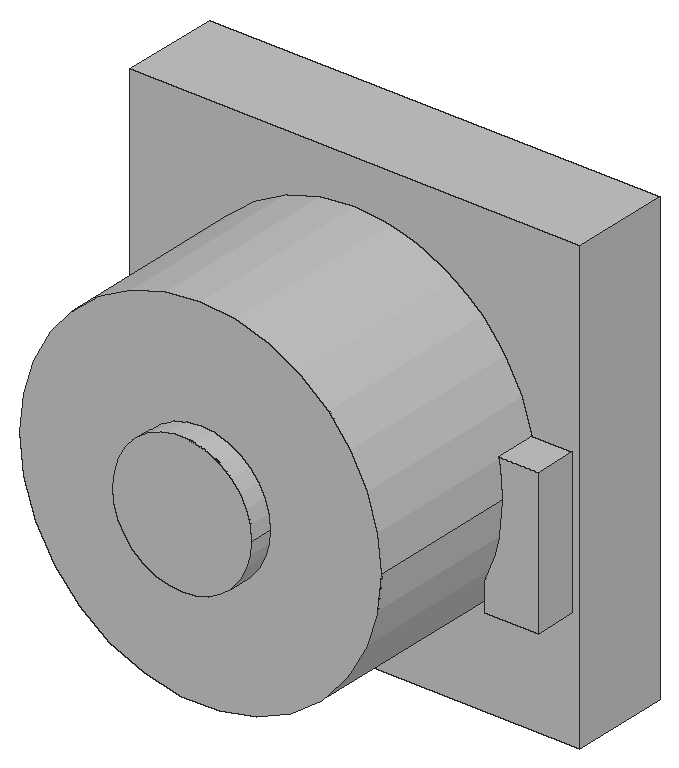
Revit family "ef_eg-20_40ysxc2_a(t)sxc2_b(t)sxc2_d(t)sxc2_csxc2-q_50Hz", category 機械設備, Revit 2019
Family settings
  丸型コネクタ寸法 = 直径を使用
  パーツ タイプ = 標準
  OmniClass 番号 = 23.75.35.21.17
  OmniClass タイトル = Industrial Ventilating Equipment
  作業面ベース = いいえ
  常に垂直 = はい
  ロード時にボイドで切り取り = はい
  共有 = いいえ
  部屋計算ポイント = はい
Parameters (values of type "EF-20YSXC2-Q")
  騒音レベル(dB(A)) [instance] = 36.5
  風量 [instance] = 設計風量  # 0.0 m³/h
  電源種別 [instance] = ""
  電圧 = 100 V
  電動機出力 = 15 W
  電動機_種別 [instance] = ""
  運転質量 = 0.00 kg
  連動 [instance] = ""
  質量 = if(製品質量 > 運転質量, 製品質量, 運転質量) * 1.2  # 6.36 kg
  負荷分類 = 3_ファン類
  説明 = "産業用有圧換気扇 低騒音形ステンレスタイプ オールステンレスタイプ 給気専用"
  設計風量 [instance] = 0.0 m³/h
  設置方法 = "壁付"
  記号 [instance] = ""
  製造元 = "三菱電機株式会社"
  製品質量 = 5.30 kg
  製品出荷対象 = "国内"
  製品リリース年月 = "2022年6月1日"
  製品グループ = ""
  羽根径 = "∅200"
  レグ_Depth = 207.9 mm
  系統 [instance] = ""
  符号 [instance] = if(☑給気／□排気, "FS", "FE")  # "FS"
  積算_科目 = ""
  積算_拾い区分 [instance] = ""
  相 = 1
  盤記号 [instance] = ""
  盤工事区分 = ""
  発停方法 [instance] = ""
  特殊仕様 [instance] = ""
  火災停止 [instance] = ""
  消費電力 = 27 W
  法定耐用年数 = "15"
  極数 = 2
  極 = 4
  材質 [instance] = ""
  操作・制御方式 = ""
  操作・制御スイッチ = ""
  排気量 [instance] = if(☑給気／□排気, 0.0 m³/h, 設計風量)  # 0.0 m³/h
  形式 = ""
  幹線記号 [instance] = ""
  対象室 [instance] = ""
  実風量 [instance] = 0.0 m³/h
  始動方式 [instance] = "直入"
  外気量 [instance] = if(☑給気／□排気, 設計風量, 0.0 m³/h)  # 0.0 m³/h
  呼称 = "有圧扇"
  周波数 = 50 Hz
  参照している仕様書等のバージョン = ""
  分類コード = "50052503100110"
  分類グループ = ""
  価格 = 156000
  企業コード = "108420"
  付属品_防振装置 = ""
  付属品 [instance] = ""
  仕様書バージョン = "Version1.0"
  レグ_Width = 413 mm
  レグ_Height = 413 mm
  モーター径 = 99 mm
  モデル = "EF-20YSXC2-Q"
  ボックス_Width = 38.1 mm
  ボックス_Height = 102.6 mm
  ボックス_Depth = 100.8 mm
  フレームの厚さ = 71 mm
  ファンの種類 = "軸流羽根"
  コメント [instance] = ""
  Keynote = ""
  オリフィス_Depth = 45 mm
  ☑給気／□排気 [instance] = yes
  Width = 320 mm
  Version = ""
  Uniclass2015Version = "Systems v1.9"
  Uniclass2015Title = "Propeller fans"
  Uniclass2015Code = "Pr_65_67_29_67"
  URL = "https://www.mitsubishielectric.co.jp/ldg/wink/ssl/displayProduct.do?pid=319141"
  SpecificationReference = ""
  SpecificationDescription = ""
  Revision = ""
  ProductInformation = ""
  OmniClassCode = "23-33 31 19 11 17"
  MIN風量 = 0.0 m³/h
  MID風量 = 0.0 m³/h
  MAX風量 = 660.0 m³/h
  IfcTypeProduct = ""
  IfcProduct = ""
  IfcExportType = "TUBEAXIAL"
  IfcExportAs = "IfcFanType"
  Height = 320 mm
  オリフィス径 = 257 mm
  Depth = 224 mm
  Box_W = 116.5 mm
  Box_H = 84.2 mm
  Author = "三菱電機株式会社"
Types (11, lengths in mm): name | 騒音レベル(dB(A)) | 電圧 | 電動機出力 | 質量 | 製品質量 | 羽根径 | レグ_Depth | 相 | 消費電力 | 極数 | 極 | 価格 | モーター径 | モデル | ボックス_Width | ボックス_Height | ボックス_Depth | フレームの厚さ | Width | URL | MAX風量 | Height | オリフィス径 | Depth | Box_W | Box_H
  EF-20YSXC2-Q | 36.5 | 100 V | 15 W | 6.36 kg | 5.30 kg | "∅200" | 207.9 | 1 | 27 W | 2 | 4 | 156000 | 99 | "EF-20YSXC2-Q" | 38.1 | 102.6 | 100.8 | 71 | 320 | "https://www.mitsubishielectric.co.jp/ldg/wink/ssl/displayProduct.do?pid=319141" | 660.0 m³/h | 320 | 257 | 224 | 116.5 | 84.2
  EF-25ASXC2-Q | 38 | 100 V | 25 W | 7.20 kg | 6.00 kg | "∅250" | 207.9 | 1 | 53 W | 2 | 4 | 161000 | 99 | "EF-25ASXC2-Q" | 46.1 | 130.6 | 105.8 | 71 | 370 | "https://www.mitsubishielectric.co.jp/ldg/wink/ssl/displayProduct.do?pid=319145" | 1080.0 m³/h | 370 | 298 | 224 | 137 | 83.2
  EF-30BSXC2-Q | 44 | 100 V | 50 W | 8.40 kg | 7.00 kg | "∅300" | 207.9 | 1 | 63 W | 2 | 4 | 216000 | 99 | "EF-30BSXC2-Q" | 46.1 | 130.6 | 105.8 | 71 | 420 | "https://www.mitsubishielectric.co.jp/ldg/wink/ssl/displayProduct.do?pid=319158" | 1680.0 m³/h | 420 | 348 | 224 | 162 | 108.2
  EF-40DSXC2-Q | 52 | 100 V | 200 W | 18.00 kg | 15.00 kg | "∅400" | 249.9 | 1 | 130 W | 2 | 4 | 270000 | 113 | "EF-40DSXC2-Q" | 46.7 | 131.4 | 118.8 | 71 | 520 | "https://www.mitsubishielectric.co.jp/ldg/wink/ssl/displayProduct.do?pid=318479" | 3760.0 m³/h | 520 | 476 | 286 | 213.3 | 184.8
  EG-40CSXC2-Q | 46.5 | 100 V | 100 W | 18.60 kg | 15.50 kg | "∅400" | 284.9 | 1 | 100 W | 2 | 6 | 258000 | 113 | "EG-40CSXC2-Q" | 46.7 | 131.4 | 153.8 | 106 | 520 | "https://www.mitsubishielectric.co.jp/ldg/wink/ssl/displayProduct.do?pid=318587" | 3060.0 m³/h | 520 | 476 | 321 | 213.3 | 184.8
  EF-25ATXC2-Q_200V | 38 | 200 V | 25 W | 7.80 kg | 6.50 kg | "∅250" | 207.9 | 3 | 35 W | 3 | 4 | 161000 | 99 | "EF-25ATXC2-Q" | 46.1 | 130.6 | 105.8 | 71 | 370 | "https://www.mitsubishielectric.co.jp/ldg/wink/ssl/displayProduct.do?pid=319147" | 1080.0 m³/h | 370 | 298 | 224 | 137 | 83.2
  EF-30BTXC2-Q_200V | 44 | 200 V | 50 W | 9.00 kg | 7.50 kg | "∅300" | 207.9 | 3 | 56 W | 3 | 4 | 216000 | 99 | "EF-30BTXC2-Q" | 46.1 | 130.6 | 105.8 | 71 | 420 | "https://www.mitsubishielectric.co.jp/ldg/wink/ssl/displayProduct.do?pid=318933" | 1680.0 m³/h | 420 | 348 | 224 | 162 | 108.2
  EF-40DTXC2-Q_200V | 53 | 200 V | 200 W | 18.00 kg | 15.00 kg | "∅400" | 249.9 | 3 | 124 W | 3 | 4 | 270000 | 113 | "EF-40DTXC2-Q" | 46.7 | 131.4 | 118.8 | 71 | 520 | "https://www.mitsubishielectric.co.jp/ldg/wink/ssl/displayProduct.do?pid=318484" | 3760.0 m³/h | 520 | 476 | 286 | 213.3 | 184.8
  EF-25ATXC2-Q_220V | 38.5 | 220 V | 25 W | 7.80 kg | 6.50 kg | "∅250" | 207.9 | 3 | 42 W | 3 | 4 | 161000 | 99 | "EF-25ATXC2-Q" | 46.1 | 130.6 | 105.8 | 71 | 370 | "https://www.mitsubishielectric.co.jp/ldg/wink/ssl/displayProduct.do?pid=319147" | 1080.0 m³/h | 370 | 298 | 224 | 137 | 83.2
  EF-30BTXC2-Q_220V | 44.5 | 220 V | 50 W | 9.00 kg | 7.50 kg | "∅300" | 207.9 | 3 | 72.4 W | 3 | 4 | 216000 | 99 | "EF-30BTXC2-Q" | 46.1 | 130.6 | 105.8 | 71 | 420 | "https://www.mitsubishielectric.co.jp/ldg/wink/ssl/displayProduct.do?pid=318933" | 1680.0 m³/h | 420 | 348 | 224 | 162 | 108.2
  EF-40DTXC2-Q_220V | 53.5 | 220 V | 200 W | 18.00 kg | 15.00 kg | "∅400" | 249.9 | 3 | 135 W | 3 | 4 | 270000 | 113 | "EF-40DTXC2-Q" | 46.7 | 131.4 | 118.8 | 71 | 520 | "https://www.mitsubishielectric.co.jp/ldg/wink/ssl/displayProduct.do?pid=318484" | 3760.0 m³/h | 520 | 476 | 286 | 213.3 | 184.8
Reference planes
  plane 1 "中心(正面/背面)": y = 0
  plane 2: z = 0
  plane 3 "中心(左/右)": x = 0
  plane 4: z = 0
  plane 5: through (212.832, -1524, 243.759) normal (-0.6508, 0, -0.7593)
  plane 6: through (-212.884, -1524, -243.751) normal (0.6508, 0, 0.7593)
  plane 7: through (208.307, -1524, -247.63) normal (-0.6508, 0, 0.7593)
  plane 8: z = 160
  plane 9: z = -160
  plane 10 "左": x = -160
  plane 11 "右": x = 160
  plane 12 "正面": y = -224
  plane 13: y = -71
  plane 14: through (-208.307, -1524, -247.63) normal (-0.6508, 0, -0.7593)
  plane 15: y = 26
  plane 16: y = 126
  plane 17: x = -250
  plane 18: x = 250
  plane 19: y = -100.8
  plane 20: y = -207.9
  plane 21: x = 116.5
  plane 22: x = 154.6
  plane 23: z = 26.8
  plane 24: z = -75.8
Forms (mm)
  Extrusion 1, solid, detail levels fine
    sketch origin (0, 0, 0) x (1, 0, 0) y (0, 1, 0)
      loop
        line (-160, 0) -> (-160, -71) -> (160, -71) -> (160, 0) -> (-160, 0)
    from -160 to 160
  Extrusion 2, solid, detail levels fine
    sketch origin (140, -23.659, 0) x (-1, 0, 0) y (0, 0, -1)
      loop
        circle (140, 0) r 49.5
    from 184.241 to 200.341
  Extrusion 3, solid
    sketch origin (0, -153.783, 0) x (1, 0, 0) y (0, 0, 1)
      loop
        circle (0, 0) r 128.5
    from -82.783 to 54.117
  Extrusion 4, solid
    sketch origin (0, -224, 0) x (0, 0, -1) y (1, 0, 0)
      loop
        line (-26.8, 116.5) -> (75.8, 116.5) -> (75.8, 154.6) -> (-26.8, 154.6) -> (-26.8, 116.5)
    from -153 to -123.2
Cuts and joins
  joined: Extrusion 3, Extrusion 4
Lines and regions (mm)
  Masking region 1, detail levels coarse+medium
    outline origin (0, 0, 0) x (1, 0, 0) y (0, 1, 0)
      loop
        line (-250, -224) -> (250, -224) -> (250, 26) -> (-250, 26) -> (-250, -224)
  Masking region 2, detail levels coarse+medium
    outline origin (0, 0, 0) x (1, 0, 0) y (0, 1, 0)
      loop
        line (-124, 26) -> (124, 26) -> (124, 126) -> (-124, 126) -> (-124, 26)
  symbolic lines, detail levels coarse+medium
    curve 1: circle (124, -223.9, 0) r 115 normal (0, 0, 1)
    curve 2: circle (-124, -223.9, 0) r 115 normal (0, 0, -1)
Dimensions and locks
  level to plane 4 = 0 mm
  equal spacing: plane 8, level, plane 9
  "Depth": plane 12 "正面" to plane 1 "中心(正面/背面)"  (x2)
  "Width": plane 10 "左" to plane 11 "右"
  "Height": plane 8 to plane 9
  "フレームの厚さ": plane 13 to plane 1 "中心(正面/背面)"
  plane 12 "正面" to plane 15 to plane 16 = 250 mm locked, 100 mm locked
  locked: plane 17 to plane 18 at 500
  "レグ_Depth": plane 1 "中心(正面/背面)" to plane 20
  equal spacing: plane 10 "左", plane 3 "中心(左/右)", plane 11 "右"
  "ボックス_Width": plane 22 to plane 21
  "ボックス_Height": plane 23 to plane 24
  "Box_H": plane 24 to plane 9
  "Box_W": plane 21 to plane 3 "中心(左/右)"
  "ボックス_Depth": plane 1 "中心(正面/背面)" to plane 19
  "オリフィス径": diameter of Extrusion 3 sketch curve
  "モーター径": diameter of Extrusion 2 sketch curve
  aligned and locked: level to plane 2
  aligned and locked: Extrusion 1 to plane 8
  aligned and locked: plane 10 "左" to Extrusion 1
  aligned and locked: Extrusion 1 to plane 11 "右"
  aligned and locked: plane 9 to Extrusion 1
  aligned and locked: Extrusion 1 to plane 13
  aligned and locked: Extrusion 1 to plane 1 "中心(正面/背面)"  (x5)
  aligned and locked: plane 12 "正面" to Extrusion 2
  aligned and locked: plane 1 "中心(正面/背面)" to Extrusion 1  (x2)
  aligned and locked: plane 4 to Extrusion 2 sketch curve
  aligned and locked: plane 12 "正面" to Masking region 1 sketch curve
  aligned and locked: plane 17 to Masking region 1 sketch curve
  aligned and locked: plane 15 to Masking region 1 sketch curve
  aligned and locked: plane 18 to Masking region 1 sketch curve
  aligned and locked: Masking region 2 sketch curve to plane 15
  aligned and locked: plane 16 to Masking region 2 sketch curve
  aligned and locked: Extrusion 3 to Extrusion 1
  aligned and locked: plane 20 to Extrusion 2
  aligned and locked: Extrusion 3 to plane 20
  aligned and locked: Extrusion 4 sketch curve to plane 23
  aligned and locked: plane 21 to Extrusion 4 sketch curve
  aligned and locked: plane 24 to Extrusion 4 sketch curve
  aligned and locked: Extrusion 4 sketch curve to plane 22
  aligned and locked: plane 13 to Extrusion 4
  aligned and locked: Extrusion 4 to plane 19
Automatic sketch dimensions
  Extrusion 1 sketch curve to plane 10 "左" = 0 mm
  Extrusion 1 sketch curve to plane 11 "右" = 0 mm
  Extrusion 1 sketch curve to plane 13 = 0 mm
  plane 1 "中心(正面/背面)" to Extrusion 1 sketch curve = 0 mm
  Extrusion 3 sketch curve to level = 0 mm
  Extrusion 3 sketch curve to plane 3 "中心(左/右)" = 0 mm
  curve 2 to plane 20 = 16 mm
  curve 1 to plane 20 = 16 mm
  curve 2 to plane 10 "左" = 36 mm
  Masking region 2 sketch curve to plane 10 "左" = 36 mm
  plane 11 "右" to curve 1 = 36 mm
  plane 11 "右" to Masking region 2 sketch curve = 36 mm
  Extrusion 2 sketch curve to plane 3 "中心(左/右)" = 0 mm
  radius of curve 1 = 115 mm
  radius of curve 2 = 115 mm
Connectors
  electrical at (160, -35.5, 0), driven by "電圧", driven by "負荷分類", driven by "消費電力", driven by "極数"
    settings: on Extrusion 1, index 2, voltage 100 V, apparent load 27 VA, apparent load phase1 0 VA, apparent load phase2 0 VA, apparent load phase3 0 VA, power factor 1, load classification "3_ファン類", number of poles 2, system type 30, power factor state 1, is connector primary yes, connector utility no, sub classification motor no, connector description ""
